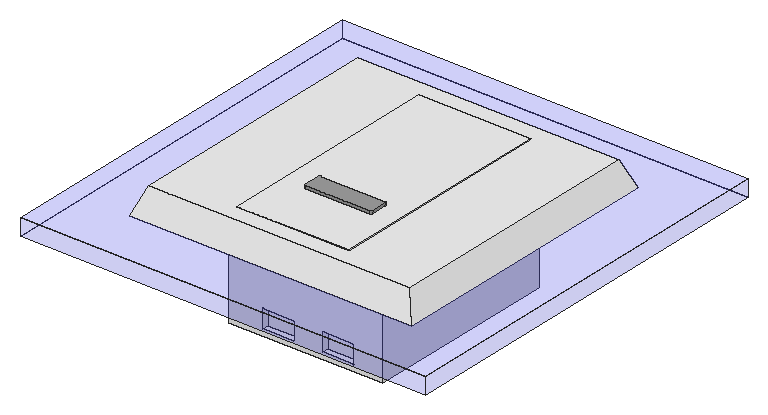
Revit family "MP-MFC (EU)", category Generic Models, host Face, Revit 2015
Parameters
  Width = 3.50"
  Weight Product = 0.2
  Product Page URL = "https://www.qsc.com/systems/products/mixers/mp-m-series/mp-mfc-controller/"
  Product Documentation Link = "https://www.qsc.com/resource-files/productresources/mix/mp-m_series/q_mix_mp_mfc_specs.pdf"
  Material = Plastic, Opaque White
  Manufacturer URL = "www.qsc.com"
  Manufacturer = "QSC"
  Height = 3.50"
  Description = "wall mount controller for MP-M Series mixers"
  Depth = 1.39844"
  Default Elevation = 48.00"
Reference planes (in)
  plane 1 "Center (Front/Back)": y = 0
  plane 2: z = 0
  plane 3 "Center (Left/Right)": x = 0
Forms (in)
  Extrusion 1, solid, material "Glass"
    sketch origin (0, 0, 0) x (1, 0, 0) y (0, 1, 0)
      loop
        line (-2.375, 2.375) -> (-2.375, -2.26772) -> (2.2998, -2.26772) -> (2.2998, 2.375) -> (-2.375, 2.375)
    from 0 to -0.2
  Blend 2, solid, material "Plastic, Opaque White" <- "Material", not visible
    base sketch origin (0, 3, -45.67008) x (1, 0, 0) y (0, 0, 1)
      loop
        line (1.375, 50.25) -> (-1.375, 50.25) -> (-1.375, 45.75) -> (1.375, 45.75) -> (1.375, 50.25)
    top sketch origin (0, 3, -45.67008) x (1, 0, 0) y (0, 0, 1)
      loop
        line (1.1875, 50.0625) -> (-1.1875, 50.0625) -> (-1.1875, 45.9375) -> (1.1875, 45.9375) -> (1.1875, 50.0625)
    from -0.41684 to -0.1875
  Extrusion 3, solid, material "Plastic, Opaque White", not visible
    sketch origin (-0.14221, 0, -45.9324) x (1, 0, 0) y (0, 1, 0)
      loop
        line (-0.885, 2.64996) -> (-0.885, 1.93) -> (0.885, 1.93) -> (0.885, 2.64996) -> (-0.885, 2.64996)
    from 46.87575 to 49.1215
  Extrusion 4, solid, material "Plastic, Opaque White", not visible
    sketch origin (0, 3, -45.67008) x (1, 0, 0) y (0, 0, 1)
      loop
        line (0.645, 49.31) -> (-0.645, 49.31) -> (-0.645, 46.69) -> (0.645, 46.69) -> (0.645, 49.31)
    from -0.1875 to -0.25
  Extrusion 5, void, not visible
    sketch origin (-0.14221, 0, -45.9324) x (1, 0, 0) y (0, 1, 0)
      loop
        line (0.19012, 2.22399) -> (0.19012, 2.00537) -> (0.55319, 2.00537) -> (0.55319, 2.22399) -> (0.19012, 2.22399)
    from 49.0451 to 53.21662
  Extrusion 6, void, not visible
    sketch origin (-0.8296, -0.0039, -45.9324) x (1, 0, 0) y (0, 1, 0)
      loop
        line (0.19012, 2.22399) -> (0.19012, 2.00537) -> (0.55319, 2.00537) -> (0.55319, 2.22399) -> (0.19012, 2.22399)
    from 49.0451 to 54.39245
  Blend 7, solid, material "Plastic, Opaque White" <- "Material"
    base sketch origin (0, 48, -0.075) x (0, -1, 0) y (1, 0, 0)
      loop
        line (49.625, 1.625) -> (46.375, 1.625) -> (46.375, -1.625) -> (49.625, -1.625) -> (49.625, 1.625)
    top sketch origin (0, 48, -0.075) x (0, -1, 0) y (1, 0, 0)
      loop
        line (49.50781, 1.50711) -> (46.5, 1.50711) -> (46.5, -1.49847) -> (49.50781, -1.49847) -> (49.50781, 1.50711)
    from 0.075 to 0.375
  Extrusion 8, solid, material "Plastic, Opaque White"
    sketch origin (0, 48, -3) x (1, 0, 0) y (0, 0, 1)
      loop
        line (-0.885, 3) -> (-0.885, 1.93) -> (0.885, 1.93) -> (0.885, 3) -> (-0.885, 3)
    from 46.87575 to 49.1215
  Extrusion 9, solid, material "Plastic, Opaque White"
    sketch origin (0, 48, 0.13177) x (0, -1, 0) y (1, 0, 0)
      loop
        line (49.31, 0.645) -> (46.69, 0.645) -> (46.69, -0.645) -> (49.31, -0.645) -> (49.31, 0.645)
    from -0.07177 to 0.16823
  Extrusion 10, void
    sketch origin (0, 48, -3) x (1, 0, 0) y (0, 0, 1)
      loop
        line (0.19012, 2.22399) -> (0.19012, 2.00537) -> (0.55319, 2.00537) -> (0.55319, 2.22399) -> (0.19012, 2.22399)
    from 49.0451 to 53.21662
  Extrusion 11, void
    sketch origin (-0.68739, 48, -3.0039) x (1, 0, 0) y (0, 0, 1)
      loop
        line (0.19012, 2.22399) -> (0.19012, 2.00537) -> (0.55319, 2.00537) -> (0.55319, 2.22399) -> (0.19012, 2.22399)
    from 49.0451 to 54.39245
Cuts and joins
  Extrusion 10, Extrusion 11 cuts Extrusion 8
Dimensions and locks (in)
  aligned and locked: plane 2 to Extrusion 1
  aligned and locked: level to Extrusion 1
Nested families (in)
  nested 1: "QSC Logo" at (-0.82654, 2.75, 5.34224) x (1, 0, 0) z (0, 1, 0), type "QSC Logo", not visible
  nested 2: "QSC Logo" at (-0.6875, -1.88648, 0.3), type "QSC Logo"
Connectors (in)
  electrical at (-0.31574, -1.0451, -0.88923)
    settings: on cut or joined group of Extrusion 8, Extrusion 10, Extrusion 11, index 1, voltage 0 V, apparent load 0 VA, apparent load phase1 0 VA, apparent load phase2 0 VA, apparent load phase3 0 VA, power factor 1, load classification "Other", number of poles 1, system type 14, power factor state 1, is connector primary yes, connector utility no, sub classification motor no, connector description "MFC"
  electrical at (0.37165, -1.0451, -0.88532)
    settings: on cut or joined group of Extrusion 8, Extrusion 10, Extrusion 11, index 2, voltage 0 V, apparent load 0 VA, apparent load phase1 0 VA, apparent load phase2 0 VA, apparent load phase3 0 VA, power factor 1, load classification "Other", number of poles 1, system type 14, power factor state 1, is connector primary no, connector utility no, sub classification motor no, connector description "MFC Chain"
Definition of nested family "QSC Logo"
  Parameters (values of type "QSC Logo")
    Default Elevation = 48.00"
  Reference planes (in)
    plane 1 "Center (Front/Back)": y = 0
    plane 2: z = 0
    plane 3 "Center (Left/Right)": x = 0
  Forms (in)
    Extrusion 1, solid
      sketch origin (0, 0, 0) x (1, 0, 0) y (0, 1, 0)
        loop
          line (-48, 48) -> (-48, -48) -> (48, -48) -> (48, 48) -> (-48, 48)
      from 0 to -12
    Extrusion 2, solid
      sketch origin (0, 0, 0) x (1, 0, 0) y (0, 1, 0)
        loop
          arc (0.32475, 1.43636) -> (0.31061, 1.4305) -> (0.30475, 1.41636) r 0.02
          line (0.30475, 1.41636) -> (0.30475, 1.23828)
          arc (0.30475, 1.23828) -> (0.31061, 1.22413) -> (0.32475, 1.21828) r 0.02
          line (0.32475, 1.21828) -> (1.05893, 1.21828)
          arc (1.05893, 1.21828) -> (1.07307, 1.22413) -> (1.07893, 1.23828) r 0.02
          line (1.07893, 1.23828) -> (1.07893, 1.41636)
          arc (1.07893, 1.41636) -> (1.07307, 1.4305) -> (1.05893, 1.43636) r 0.02
          line (1.05893, 1.43636) -> (0.32475, 1.43636)
      from 0 to 0.03125
  Lines and regions (in)
    reference lines, not visible
      curve 1: line (7.46129, -1.68384, 0) -> (8.03516, -1.68384, 0)
      curve 2: line (7.46129, -1.68384, 0) -> (8.03516, -1.68384, 0)
      curve 3: line (7.60221, -1.69939, 0) -> (7.57915, -1.64864, 0)
      curve 4: line (7.60221, -1.73876, 0) -> (7.5741, -1.62892, 0)
      curve 5: line (7.57915, -1.64864, 0) -> (7.60221, -1.69939, 0)
      curve 6: line (7.5741, -1.62892, 0) -> (7.60221, -1.73876, 0)
      curve 7: line (7.73833, -1.68384, 0) -> (7.76643, -1.66928, 0)
      curve 8: line (7.73833, -1.68384, 0) -> (7.76643, -1.66928, 0)
      curve 9: line (7.84773, -1.67913, 0) -> (7.88776, -1.67913, 0)
      curve 10: line (7.84773, -1.67913, 0) -> (7.88776, -1.67913, 0)
    model lines
      curve 11: line (0.73885, 1.29038, 0.03125) -> (0.68134, 1.36615, 0.03125)
      curve 12: line (0.68134, 1.36615, 0.03125) -> (0.73885, 1.29038, 0.03125)
      curve 13: line (0.47284, 1.29984, 0.03125) -> (0.49456, 1.378, 0.03125)
      curve 14: line (0.49456, 1.378, 0.03125) -> (0.47284, 1.29984, 0.03125)
      curve 15: line (0.50913, 1.24809, 0.03125) -> (0.49291, 1.39273, 0.03125)
      curve 16: line (0.49291, 1.39273, 0.03125) -> (0.50913, 1.24809, 0.03125)
      curve 17: line (0.81586, 1.34929, 0.03125) -> (0.86714, 1.31161, 0.03125)
      curve 18: line (0.86714, 1.31161, 0.03125) -> (0.81586, 1.34929, 0.03125)
  Text (in)
    text "42T" at (-0.70074, 1.3121, 0), in view "Ref. Level"
    text "81Tw" at (-0.70074, 0.6721, 0), in view "Ref. Level"
    text "52T" at (-0.70074, -0.18312, 0), in view "Ref. Level"
    text "52ST" at (-0.70074, -1.16409, 0), in view "Ref. Level"
  Dimensions and locks (in)
    aligned and locked: plane 2 to Extrusion 1
    aligned and locked: level to Extrusion 1
